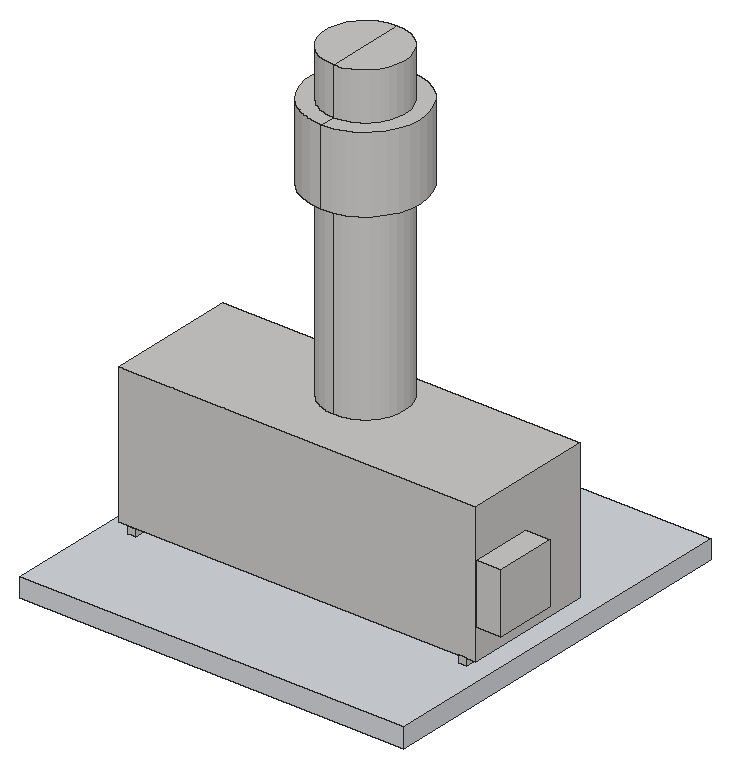
Revit family "DC_Rheem_PLM_Raypak_B1852HWT", category Plumbing Fixtures, host Face, Revit 2020
Family settings
  Host = Face
  Round Connector Dimension = Use Radius
  Part Type = Normal
  Cut with Voids When Loaded = No
  Shared = No
  Room Calculation Point = No
Parameters (values of type "Raypak - Gas Water Heater- Outdoor - 1772 MJ/h  Propane gas, modulating gas control")
  URL = "http://www.rheem.com.au/CommercialProducts"
  Type Comments = "Recovery 6794L/h @ 50°C rise\r\n\r\n"
  TopSmallDia_ANZRS = 505 mm  # constant formula
  TopH2_ANZRS = 480 mm
  TopH1_ANZRS = 300 mm
  TopBigDia_ANZRS = 700 mm
  PRVDiameter_ANZRS = PRVRadius_ANZRS * 2  # 20 mm
  Materials_ANZRS = Raypak - Grey Powder Coated Steel
  PRVRadius_ANZRS = 10 mm
  PVRDist_ANZRS = 85 mm
  Model = "B1852PCM/HWT\r\n\r\n"
  Manufacturer = "Raypak\r\n"
  Length_ANZRS = 2270 mm
  HotWaterPipeDist_ANZRS = 155 mm
  HotWaterPipeRadius_ANZRS = 32.5 mm
  HotWaterPipeDiameter_ANZRS = HotWaterPipeRadius_ANZRS * 2  # 65 mm
  Height_ANZRS = 2920 mm
  GasPipeRadius_ANZRS = 20 mm
  GasPipeHeight_ANZRS = 410 mm
  GasPipeDist_ANZRS = 130 mm
  GasPipeDiameter_ANZRS = GasPipeRadius_ANZRS * 2  # 40 mm
  EleBoxWidth_ANZRS = 160 mm
  EleBoxHeightfromBase_ANZRS = 245 mm
  EleBoxHeight_ANZRS = 380 mm
  DesignBy_ANZRS = "Design Content ©"
  Description = "Raypak - Gas Water Heater- Outdoor - 1772 MJ/h  Propane gas, modulating gas control\r\n\r\n\r\n"
  Default Elevation = 0 mm  # constant formula
  ConnHeight_ANZRS = 755 mm
  ColdWaterPipeRadius_ANZRS = 32.5 mm
  ColdWaterPipeDisi_ANZRS = 280 mm
  ColdWaterPipeDiameter_ANZRS = ColdWaterPipeRadius_ANZRS * 2  # 65 mm
  BoxHeight_ANZRS = 930 mm
  BaseWidth_ANZRS = 50 mm
  BaseHeight_ANZRS = 45 mm
  BaseDist_ANZRS = 60 mm
  Author_ANZRS = "DM"
  Assembly Code = ""
Types (5, lengths in mm): name | URL | Type Comments | PRVDiameter_ANZRS | PRVRadius_ANZRS | Model | GasPipeRadius_ANZRS | GasPipeDiameter_ANZRS | Description
  (no name) | "http://www.rheem.com.au/downloads/PDF/Raypak_Mechanical_Heating_Brochure_July_09.pdf\r\n" | "Recovery 7052L/h @ 50°C rise\r\n" | 30 | 15 | "B1852NCO/HWT\r\n" | 25 | 50 | "Raypak - Gas Water Heater- Outdoor - 1854 MJ/h  Natural gas, On/Off gas control\r\n\r\n"
  Raypak - Gas Water Heater- Outdoor - 1854 MJ/h  Natural gas, modulating gas control | "http://www.rheem.com.au/CommercialProducts" | "Recovery 7052L/h @ 50°C rise\r\n" | 20 | 10 | "B1852NCM/HWT\r\n" | 25 | 50 | "Raypak - Gas Water Heater- Outdoor - 1854 MJ/h  Natural gas, modulating gas control\r\n"
  Raypak - Gas Water Heater- Outdoor - 1854 MJ/h  Natural gas, On/Off gas control | "http://www.rheem.com.au/CommercialProducts" | "Recovery 7052L/h @ 50°C rise\r\n" | 30 | 15 | "B1852NCO/HWT\r\n" | 25 | 50 | "Raypak - Gas Water Heater- Outdoor - 1854 MJ/h  Natural gas, On/Off gas control\r\n\r\n"
  Raypak - Gas Water Heater- Outdoor - 1772 MJ/h  Propane gas, modulating gas control | "http://www.rheem.com.au/CommercialProducts" | "Recovery 6794L/h @ 50°C rise\r\n\r\n" | 20 | 10 | "B1852PCM/HWT\r\n\r\n" | 20 | 40 | "Raypak - Gas Water Heater- Outdoor - 1772 MJ/h  Propane gas, modulating gas control\r\n\r\n\r\n"
  Raypak - Gas Water Heater- Outdoor - 1772 MJ/h  Propane gas, On/Off gas control | "http://www.rheem.com.au/CommercialProducts" | "Recovery 6794L/h @ 50°C rise\r\n\r\n" | 20 | 10 | "B1852PCO/HWT\r\n" | 20 | 40 | "Raypak - Gas Water Heater- Outdoor - 1772 MJ/h  Propane gas, On/Off gas control\r\n\r\n\r\n\r\n"
Reference planes
  plane 1 "Center (Front/Back)": y = 0
  plane 2: z = 0
  plane 3 "Center (Left/Right)": x = 0
  plane 4: z = 45
  plane 5: x = -1135
  plane 6: x = 1135
  plane 7: x = 1295
  plane 8: z = 245
  plane 9: z = 930
  plane 10: x = -1075
  plane 11: x = 1075
  plane 12: x = -1025
  plane 13: x = 1025
  plane 14: y = 285
  plane 15: y = -540
  plane 16: z = 2920
  plane 17: z = 2620
  plane 18: z = 2140
  plane 19: y = 252.5
  plane 20: y = -252.5
  plane 21: y = 350
  plane 22: y = -350
  plane 23: z = 755
  plane 24: y = 200
  plane 25: y = 130
  plane 26: y = -150
  plane 27: y = -410
  plane 28: z = 410
  plane 29: z = 625
  plane 30: x = -252.5
  plane 31: x = 252.5
  plane 32: x = -350
  plane 33: x = 350
  plane 34: x = -1125
  plane 35: x = -1155
  plane 36: y = -155
Forms (mm)
  Extrusion 1, solid
    sketch origin (0, 0, 0) x (1, 0, 0) y (0, 1, 0)
      loop
        line (-1219.2, 1219.2) -> (-1219.2, -1219.2) -> (1219.2, -1219.2) -> (1219.2, 1219.2) -> (-1219.2, 1219.2)
    from 0 to -120
  Extrusion 2, solid, material "Raypak - Grey Powder Coated Steel" <- "Materials_ANZRS"
    sketch origin (0, 0, 0) x (1, 0, 0) y (0, 0, 1)
      loop
        line (-1075, 45) -> (-1075, 0) -> (-1025, 0) -> (-1025, 45) -> (-1075, 45)
      loop
        line (1025, 45) -> (1025, 0) -> (1075, 0) -> (1075, 45) -> (1025, 45)
    from -285 to 540
  Extrusion 3, solid, material "Raypak - Grey Powder Coated Steel" <- "Materials_ANZRS"
    sketch origin (0, 0, 0) x (1, 0, 0) y (0, 1, 0)
      loop
        line (-1135, 285) -> (-1135, -540) -> (1135, -540) -> (1135, 285) -> (-1135, 285)
    from 45 to 930
  Revolve 4, solid, material "Raypak - Grey Powder Coated Steel" <- "Materials_ANZRS"
    sketch origin (0, 0, 0) x (0, 1, 0) y (0, 0, 1)
      loop
        line (0, 2920) -> (-252.5, 2920) -> (-252.5, 2620) -> (-350, 2620) -> (-350, 2140) -> (-252.5, 2140) -> (-252.5, 930) -> (0, 930) -> (0, 2920)
      axis (0, 2920) -> (0, 930)
    angle from 0 to 360
  Extrusion 5, solid, material "Raypak - Grey Powder Coated Steel" <- "Materials_ANZRS"
    sketch origin (0, 0, 0) x (1, 0, 0) y (0, 0, 1)
      loop
        line (1135, 625) -> (1135, 245) -> (1295, 245) -> (1295, 625) -> (1135, 625)
    from 155 to 540
  Extrusion 6, void
    sketch origin (0, 0, 0) x (0, 1, 0) y (0, 0, 1)
      loop
        circle (200, 755) r 10
      loop
        circle (130, 755) r 32.5
      loop
        circle (-150, 755) r 32.5
    from -1135 to -1125
  Extrusion 7, solid, material "Raypak - Grey Powder Coated Steel" <- "Materials_ANZRS"
    sketch origin (0, 0, 0) x (0, 1, 0) y (0, 0, 1)
      loop
        circle (-410, 410) r 20
    from -1155 to -1135
Cuts and joins
  Extrusion 6 cuts Extrusion 3
  joined: Extrusion 3, Extrusion 7
Lines and regions (mm)
  Masking region 1
    outline origin (0, 0, 0) x (1, 0, 0) y (0, 1, 0)
      loop
        line (-1135, 285) -> (-1135, -395) -> (-1155, -395) -> (-1155, -425) -> (-1135, -425) -> (-1135, -540) -> (1295, -540) -> (1295, -155) -> (1135, -155) -> (1135, 285) -> (203.162, 285)
        arc (203.162, 285) -> (106.654, 333.354) -> (0, 350) r 350
        arc (0, 350) -> (-106.654, 333.354) -> (-203.162, 285) r 350
        line (-203.162, 285) -> (-1135, 285)
  Masking region 2
    outline origin (0, 0, 0) x (1, 0, 0) y (0, 0, 1)
      loop
        line (252.5, 2920) -> (-252.5, 2920) -> (-252.5, 2620) -> (-350, 2620) -> (-350, 2140) -> (-252.5, 2140) -> (-252.5, 930) -> (-1135, 930) -> (-1135, 425) -> (-1155, 425) -> (-1155, 395) -> (-1135, 395) -> (-1135, 45) -> (-1075, 45) -> (-1075, 0) -> (-1025, 0) -> (-1025, 45) -> (1025, 45) -> (1025, 0) -> (1075, 0) -> (1075, 45) -> (1135, 45) -> (1135, 245) -> (1295, 245) -> (1295, 625) -> (1135, 625) -> (1135, 930) -> (252.5, 930) -> (252.5, 2140) -> (350, 2140) -> (350, 2620) -> (252.5, 2620) -> (252.5, 2920)
  Masking region 3
    outline origin (0, 0, 0) x (0, 1, 0) y (0, 0, 1)
      loop
        line (252.5, 2920) -> (-252.5, 2920) -> (-252.5, 2620) -> (-350, 2620) -> (-350, 2140) -> (-252.5, 2140) -> (-252.5, 930) -> (-540, 930) -> (-540, 0) -> (285, 0) -> (285, 930) -> (252.5, 930) -> (252.5, 2140) -> (350, 2140) -> (350, 2620) -> (252.5, 2620) -> (252.5, 2920)
  symbolic lines, style "Rheem Raypak", detail levels fine
    curve 1: line (-350, 0, 2620) -> (-350, 0, 2140)
    curve 2: line (-350, 0, 2140) -> (350, 0, 2140)
    curve 3: line (-252.5, 0, 2140) -> (-252.5, 0, 930)
    curve 4: line (-252.5, 0, 2920) -> (-252.5, 0, 2620)
    curve 5: line (252.5, 0, 2920) -> (-252.5, 0, 2920)
    curve 6: line (252.5, 0, 2620) -> (252.5, 0, 2920)
    curve 7: line (350, 0, 2620) -> (-350, 0, 2620)
    curve 8: line (350, 0, 2140) -> (350, 0, 2620)
    curve 9: line (252.5, 0, 930) -> (252.5, 0, 2140)
    curve 10: line (1135, 0, 930) -> (-1135, 0, 930)
    curve 11: line (1135, 0, 45) -> (1135, 0, 930)
    curve 12: line (-1135, 0, 930) -> (-1135, 0, 45)
    curve 13: line (-1135, 0, 45) -> (1135, 0, 45)
    curve 14: line (-1025, 0, 0) -> (-1025, 0, 45)
    curve 15: line (-1075, 0, 0) -> (-1025, 0, 0)
    curve 16: line (-1075, 0, 45) -> (-1075, 0, 0)
    curve 17: line (1075, 0, 0) -> (1075, 0, 45)
    curve 18: line (1025, 0, 45) -> (1025, 0, 0)
    curve 19: line (1025, 0, 0) -> (1075, 0, 0)
    curve 20: line (1135, 0, 245) -> (1295, 0, 245)
    curve 21: line (1295, 0, 245) -> (1295, 0, 625)
    curve 22: line (1295, 0, 625) -> (1135, 0, 625)
    curve 23: line (-1155, 0, 395) -> (-1135, 0, 395)
    curve 24: line (-1155, 0, 425) -> (-1155, 0, 395)
    curve 25: line (-1135, 0, 425) -> (-1155, 0, 425)
    curve 26: line (0, -350, 2620) -> (0, 350, 2620)
    curve 27: line (0, -350, 2140) -> (0, 350, 2140)
    curve 28: line (0, 350, 2140) -> (0, 350, 2620)
    curve 29: line (0, -350, 2620) -> (0, -350, 2140)
    curve 30: line (0, -252.5, 2920) -> (0, -252.5, 2620)
    curve 31: line (0, 252.5, 2620) -> (0, 252.5, 2920)
    curve 32: line (0, -252.5, 2920) -> (0, 252.5, 2920)
    curve 33: line (0, -252.5, 2140) -> (0, -252.5, 930)
    curve 34: line (0, 252.5, 930) -> (0, 252.5, 2140)
    curve 35: line (0, 285, 930) -> (0, -540, 930)
    curve 36: line (0, -540, 930) -> (0, -540, 45)
    curve 37: line (0, 285, 45) -> (0, 285, 930)
    curve 38: line (0, -540, 45) -> (0, 285, 45)
    curve 39: line (0, 285, 0) -> (0, 285, 45)
    curve 40: line (0, -540, 45) -> (0, -540, 0)
    curve 41: line (0, -540, 0) -> (0, 285, 0)
    curve 42: arc (0, -182.5, 755) -> (0, -150, 722.5) -> (0, -117.5, 755) r 32.5
    curve 43: arc (0, -117.5, 755) -> (0, -150, 787.5) -> (0, -182.5, 755) r 32.5
    curve 44: arc (0, -390, 410) -> (0, -410, 390) -> (0, -430, 410) r 20
    curve 45: arc (0, -430, 410) -> (0, -410, 430) -> (0, -390, 410) r 20
    curve 46: arc (0, 97.5, 755) -> (0, 130, 722.5) -> (0, 162.5, 755) r 32.5
    curve 47: arc (0, 162.5, 755) -> (0, 130, 787.5) -> (0, 97.5, 755) r 32.5
    curve 48: arc (0, 190, 755) -> (0, 200, 745) -> (0, 210, 755) r 10
    curve 49: arc (0, 210, 755) -> (0, 200, 765) -> (0, 190, 755) r 10
    curve 50: arc (0, -350, 0) -> (-350, 0, 0) -> (0, 350, 0) r 350
    curve 51: arc (0, 350, 0) -> (350, 0, 0) -> (0, -350, 0) r 350
    curve 52: arc (0, 252.5, 0) -> (252.5, 0, 0) -> (0, -252.5, 0) r 252.5
    curve 53: arc (0, -252.5, 0) -> (-252.5, 0, 0) -> (0, 252.5, 0) r 252.5
    curve 54: line (1135, 285, 0) -> (230.662, 285, 0)
    curve 55: line (1135, -540, 0) -> (1135, 285, 0)
    curve 56: line (-1135, -540, 0) -> (1135, -540, 0)
    curve 57: line (-1135, 285, 0) -> (-1135, -540, 0)
    curve 58: line (1295, -155, 0) -> (1135, -155, 0)
    curve 59: line (1295, -540, 0) -> (1295, -155, 0)
    curve 60: line (1135, -540, 0) -> (1295, -540, 0)
    curve 61: line (-1155, -395, 0) -> (-1155, -425, 0)
    curve 62: line (-230.662, 285, 0) -> (-1135, 285, 0)
    curve 63: line (-1155, -395, 0) -> (-1135, -395, 0)
    curve 64: line (-1155, -425, 0) -> (-1135, -425, 0)
Dimensions and locks
  "BaseHeight_ANZRS": plane 4 to level
  equal spacing: plane 6, plane 3 "Center (Left/Right)", plane 5
  "Length_ANZRS": plane 5 to plane 6
  "EleBoxWidth_ANZRS": plane 6 to plane 7
  "EleBoxHeightfromBase_ANZRS": plane 8 to Extrusion 1
  "EleBoxHeight_ANZRS": plane 29 to plane 8
  "BaseDist_ANZRS": plane 10 to plane 5
  "BaseDist_ANZRS": plane 11 to plane 6
  "BaseWidth_ANZRS": plane 10 to plane 12
  "BaseWidth_ANZRS": plane 11 to plane 13
  plane 1 "Center (Front/Back)" to plane 15 = 540 mm
  plane 14 to plane 15 = 825 mm
  "Height_ANZRS": plane 16 to Extrusion 1
  "TopSmallDia_ANZRS": plane 19 to plane 20
  equal spacing: plane 19, plane 1 "Center (Front/Back)", plane 20
  equal spacing: plane 21, plane 1 "Center (Front/Back)", plane 22
  "TopBigDia_ANZRS": plane 21 to plane 22
  "ConnHeight_ANZRS": plane 23 to Extrusion 1
  "BoxHeight_ANZRS": plane 9 to Extrusion 1
  "PVRDist_ANZRS": plane 14 to plane 24
  "HotWaterPipeDist_ANZRS": plane 14 to plane 25
  "ColdWaterPipeDisi_ANZRS": plane 25 to plane 26
  "GasPipeDist_ANZRS": plane 27 to plane 15
  "GasPipeHeight_ANZRS": plane 28 to Extrusion 1
  "TopH1_ANZRS": plane 16 to plane 17
  "TopH2_ANZRS": plane 17 to plane 18
  equal spacing: plane 32, plane 3 "Center (Left/Right)", plane 33
  "TopSmallDia_ANZRS": plane 30 to plane 31
  equal spacing: plane 30, plane 3 "Center (Left/Right)", plane 31
  "TopBigDia_ANZRS": plane 32 to plane 33
  locked: plane 5 to plane 34 at 10
  locked: plane 35 to plane 5 at 20
  plane 36 to plane 15 = 385 mm
  "ColdWaterPipeRadius_ANZRS": radius of Extrusion 6 sketch curve
  "HotWaterPipeRadius_ANZRS": radius of Extrusion 6 sketch curve
  "PRVRadius_ANZRS": radius of Extrusion 6 sketch curve
  "GasPipeRadius_ANZRS": radius of Extrusion 7 sketch curve
  aligned and locked: plane 2 to Extrusion 1
  aligned and locked: level to Extrusion 1
  aligned and locked: Extrusion 2 sketch curve to plane 4  (x2)
  aligned and locked: Extrusion 2 sketch curve to plane 10
  aligned and locked: level to Extrusion 2 sketch curve  (x2)
  aligned and locked: plane 12 to Extrusion 2 sketch curve
  aligned and locked: plane 13 to Extrusion 2 sketch curve
  aligned and locked: plane 11 to Extrusion 2 sketch curve
  aligned and locked: plane 14 to Extrusion 3 sketch curve
  aligned and locked: plane 15 to Extrusion 3 sketch curve
  aligned and locked: plane 6 to Extrusion 3 sketch curve
  aligned and locked: plane 9 to Extrusion 3
  aligned and locked: Extrusion 3 to plane 4
  aligned and locked: Extrusion 2 to plane 15
  aligned and locked: Extrusion 2 to plane 14
  aligned and locked: plane 16 to Revolve 4 sketch curve
  aligned and locked: Revolve 4 sketch curve to plane 20
  aligned and locked: Revolve 4 sketch curve to plane 22
  aligned and locked: plane 9 to Revolve 4 sketch curve
  aligned and locked: Revolve 4 sketch curve to plane 1 "Center (Front/Back)"
  aligned and locked: Extrusion 5 sketch curve to plane 29
  aligned and locked: Extrusion 5 sketch curve to plane 6
  aligned and locked: Extrusion 5 sketch curve to plane 8
  aligned and locked: plane 7 to Extrusion 5 sketch curve
  aligned: Extrusion 2 to Extrusion 5
  aligned and locked: Extrusion 5 to Extrusion 2
  aligned and locked: plane 24 to Extrusion 6 sketch curve
  aligned and locked: plane 23 to Extrusion 6 sketch curve  (x3)
  aligned and locked: plane 25 to Extrusion 6 sketch curve
  aligned and locked: plane 26 to Extrusion 6 sketch curve
  aligned and locked: Extrusion 3 to plane 5
  aligned and locked: Extrusion 6 to plane 5
  aligned and locked: Extrusion 6 to plane 34
  aligned and locked: plane 28 to Extrusion 7 sketch curve
  aligned and locked: plane 27 to Extrusion 7 sketch curve
  aligned and locked: plane 35 to Extrusion 7
  aligned: Extrusion 7 to plane 34
  aligned and locked: plane 5 to Extrusion 7
  aligned and locked: Masking region 1 sketch curve to cut or joined group of Extrusion 3, Extrusion 6, Extrusion 7  (x2)
  aligned and locked: Masking region 1 sketch curve to Extrusion 5  (x2)
  aligned and locked: cut or joined group of Extrusion 3, Extrusion 6, Extrusion 7 to Masking region 1 sketch curve
  aligned and locked: Masking region 1 sketch curve to Revolve 4  (x2)
  aligned and locked: Masking region 2 sketch curve to plane 31
  aligned and locked: Masking region 2 sketch curve to plane 30
  aligned and locked: Masking region 2 sketch curve to plane 16
  aligned and locked: Masking region 2 sketch curve to plane 17
  aligned and locked: Masking region 2 sketch curve to plane 18
  aligned and locked: plane 33 to Masking region 2 sketch curve
  aligned and locked: Masking region 2 sketch curve to plane 32
  aligned and locked: Masking region 2 sketch curve to plane 9
  aligned and locked: plane 6 to Masking region 2 sketch curve
  aligned and locked: Masking region 2 sketch curve to plane 29
  aligned and locked: Masking region 2 sketch curve to plane 8
  aligned and locked: plane 7 to Masking region 2 sketch curve
  aligned and locked: cut or joined group of Extrusion 3, Extrusion 6, Extrusion 7 to Masking region 2 sketch curve
  aligned and locked: Masking region 2 sketch curve to plane 5
  aligned and locked: Extrusion 1 to Masking region 2 sketch curve  (x2)
  aligned and locked: plane 16 to Masking region 3 sketch curve
  aligned and locked: plane 17 to Masking region 3 sketch curve
  aligned and locked: Masking region 3 sketch curve to plane 22
  aligned and locked: plane 21 to Masking region 3 sketch curve
  aligned and locked: plane 19 to Masking region 3 sketch curve
  aligned and locked: Masking region 3 sketch curve to plane 20
  aligned and locked: plane 9 to Masking region 3 sketch curve
  aligned and locked: Masking region 3 sketch curve to plane 15
  aligned and locked: plane 14 to Masking region 3 sketch curve
  aligned and locked: Extrusion 1 to Masking region 3 sketch curve
  aligned and locked: plane 18 to Masking region 3 sketch curve
  aligned and locked: Masking region 2 sketch curve to plane 12
  aligned and locked: Masking region 2 sketch curve to plane 10
  aligned and locked: Masking region 2 sketch curve to plane 11
  aligned and locked: plane 13 to Masking region 2 sketch curve
  aligned and locked: Masking region 2 sketch curve to plane 4  (x3)
  aligned and locked: curve 1 to Masking region 2
  aligned and locked: curve 2 to Masking region 2
  aligned and locked: curve 3 to Masking region 2
  aligned and locked: curve 4 to Masking region 2
  aligned and locked: curve 5 to Masking region 2
  aligned and locked: curve 6 to Masking region 2
  aligned and locked: curve 7 to Masking region 2
  aligned and locked: curve 8 to Masking region 2
  aligned and locked: curve 9 to Masking region 2
  aligned and locked: curve 10 to cut or joined group of Extrusion 3, Extrusion 6, Extrusion 7
  aligned and locked: curve 11 to cut or joined group of Extrusion 3, Extrusion 6, Extrusion 7
  aligned and locked: curve 12 to cut or joined group of Extrusion 3, Extrusion 6, Extrusion 7
  aligned and locked: curve 13 to cut or joined group of Extrusion 3, Extrusion 6, Extrusion 7
  aligned and locked: curve 14 to Extrusion 2
  aligned and locked: curve 15 to Extrusion 2
  aligned and locked: curve 16 to Extrusion 2
  aligned and locked: curve 17 to Extrusion 2
  aligned and locked: curve 18 to Extrusion 2
  aligned and locked: curve 19 to Extrusion 2
  aligned and locked: curve 20 to Extrusion 5
  aligned and locked: curve 21 to Extrusion 5
  aligned and locked: curve 22 to Extrusion 5
  aligned and locked: curve 23 to Masking region 2
  aligned and locked: cut or joined group of Extrusion 3, Extrusion 6, Extrusion 7 to curve 24
  aligned and locked: curve 25 to Masking region 2
  aligned and locked: curve 26 to Revolve 4
  aligned and locked: curve 27 to Revolve 4
  aligned and locked: curve 28 to Masking region 3
  aligned and locked: curve 29 to Masking region 3
  aligned and locked: curve 30 to Masking region 3
  aligned and locked: curve 31 to Masking region 3
  aligned and locked: curve 32 to Revolve 4
  aligned and locked: curve 33 to Masking region 3
  aligned and locked: curve 34 to Masking region 3
  aligned and locked: curve 35 to cut or joined group of Extrusion 3, Extrusion 6, Extrusion 7
  aligned and locked: curve 36 to cut or joined group of Extrusion 3, Extrusion 6, Extrusion 7
  aligned and locked: curve 37 to cut or joined group of Extrusion 3, Extrusion 6, Extrusion 7
  aligned and locked: curve 38 to cut or joined group of Extrusion 3, Extrusion 6, Extrusion 7
  aligned and locked: curve 39 to Extrusion 2
  aligned and locked: curve 40 to Extrusion 2
  aligned and locked: curve 41 to Extrusion 2
  aligned and locked: curve 50 to Revolve 4
  aligned and locked: curve 51 to Revolve 4
  aligned and locked: curve 52 to Revolve 4
  aligned and locked: curve 53 to Revolve 4
  aligned and locked: curve 54 to cut or joined group of Extrusion 3, Extrusion 6, Extrusion 7
  aligned and locked: curve 55 to cut or joined group of Extrusion 3, Extrusion 6, Extrusion 7
  aligned and locked: curve 56 to cut or joined group of Extrusion 3, Extrusion 6, Extrusion 7
  aligned and locked: curve 57 to cut or joined group of Extrusion 3, Extrusion 6, Extrusion 7
  aligned: curve 58 to Extrusion 5
  aligned and locked: curve 59 to Extrusion 5
  aligned and locked: curve 60 to Extrusion 5
  aligned and locked: cut or joined group of Extrusion 3, Extrusion 6, Extrusion 7 to curve 61
  aligned and locked: plane 36 to Extrusion 5
  aligned and locked: plane 6 to Masking region 1 sketch curve
  aligned and locked: Masking region 1 sketch curve to plane 36
  aligned and locked: curve 42 to cut or joined group of Extrusion 3, Extrusion 6, Extrusion 7
  aligned and locked: curve 45 to cut or joined group of Extrusion 3, Extrusion 6, Extrusion 7
Automatic sketch dimensions
  Extrusion 1 sketch curve to Extrusion 1 sketch curve = 2438.4 mm  (x2)
  Revolve 4 sketch curve to plane 1 "Center (Front/Back)" = 0 mm
  Revolve 4 sketch curve to plane 16 = 51.193 mm
  Revolve 4 sketch curve to level = 2207.352 mm
  Revolve 4 sketch curve to plane 18 = 0 mm
  Revolve 4 sketch curve to plane 20 = 0 mm
  Revolve 4 sketch curve to plane 17 = 0 mm
  Extrusion 3 sketch curve to plane 5 = 0 mm
  plane 27 to Masking region 1 sketch curve = 15 mm
  Masking region 1 sketch curve to plane 27 = 15 mm
  Masking region 1 sketch curve to plane 5 = 0 mm
  plane 14 to Masking region 1 sketch curve = 0 mm
  plane 30 to Masking region 2 sketch curve = 0 mm
  Masking region 2 sketch curve to plane 18 = 0 mm
  Masking region 2 sketch curve to plane 31 = 0 mm
  Masking region 2 sketch curve to plane 9 = 0 mm
  Masking region 2 sketch curve to plane 17 = 0 mm
  Masking region 2 sketch curve to plane 28 = 15 mm
  Masking region 2 sketch curve to plane 5 = 0 mm
  plane 28 to Masking region 2 sketch curve = 15 mm
  Masking region 3 sketch curve to plane 19 = 0 mm
  Masking region 3 sketch curve to plane 17 = 0 mm
  Masking region 3 sketch curve to plane 20 = 0 mm
  Masking region 3 sketch curve to plane 18 = 0 mm
  Masking region 3 sketch curve to plane 9 = 0 mm
  plane 6 to Masking region 2 sketch curve = 0 mm
  curve 3 to plane 9 = 0 mm
  curve 4 to plane 16 = 0 mm
  curve 5 to plane 31 = 0 mm
  curve 7 to plane 33 = 0 mm
  curve 8 to plane 18 = 0 mm
  curve 10 to plane 5 = 0 mm
  plane 6 to curve 10 = 0 mm
  curve 11 to plane 4 = 0 mm
  curve 14 to level = 0 mm
  plane 12 to curve 14 = 0 mm
  plane 10 to curve 15 = 0 mm
  curve 17 to level = 0 mm
  plane 11 to curve 17 = 0 mm
  curve 18 to plane 13 = 0 mm
  plane 7 to curve 20 = 0 mm
  curve 20 to plane 8 = 0 mm
  curve 21 to plane 29 = 0 mm
  plane 35 to curve 23 = 0 mm
  curve 23 to plane 28 = 15 mm
  plane 28 to curve 24 = 15 mm
  curve 9 to plane 31 = 0 mm
  plane 30 to curve 3 = 0 mm
  plane 32 to curve 1 = 0 mm
  plane 30 to curve 4 = 0 mm
  curve 1 to plane 17 = 0 mm
  curve 27 to plane 18 = 0 mm
  curve 27 to plane 22 = 0 mm
  curve 26 to plane 17 = 0 mm
  curve 27 to plane 21 = 0 mm
  curve 30 to plane 20 = 0 mm
  curve 31 to plane 19 = 0 mm
  curve 31 to plane 16 = 0 mm
  curve 33 to plane 20 = 0 mm
  curve 33 to plane 9 = 0 mm
  curve 34 to plane 19 = 0 mm
  curve 35 to plane 15 = 0 mm
  curve 35 to plane 14 = 0 mm
  curve 37 to plane 4 = 0 mm
  curve 40 to level = 0 mm
  curve 46 to plane 23 = 0 mm
  curve 47 to plane 25 = 0 mm
  curve 46 to curve 46 = 32.5 mm
  curve 48 to plane 23 = 0 mm
  curve 49 to plane 24 = 0 mm
  plane 24 to curve 48 = 10 mm
  curve 61 to plane 35 = 0 mm
  curve 62 to plane 5 = 0 mm
  plane 14 to curve 62 = 0 mm
  plane 14 to curve 54 = 0 mm
  curve 58 to plane 6 = 0 mm
  curve 60 to plane 7 = 0 mm
  curve 56 to plane 15 = 0 mm
  curve 58 to plane 36 = 0 mm
  plane 14 to curve 59 = 440 mm
  curve 62 to plane 30 = 21.838 mm
  curve 54 to plane 31 = 21.838 mm
  plane 27 to curve 64 = 15 mm
  curve 63 to plane 27 = 15 mm
Connectors
  piping at (-1135, 200, 755), diameter 20, driven by "PRVRadius_ANZRS"
    settings: on cut or joined group of Extrusion 3, Extrusion 6, Extrusion 7, index 1, connector inside diameter 1.1811", connector length 0 mm, flow factor 0, pipe flow 0 GPM, pressure drop 0.00 psi, fitting loss kfactor 0, connector angle 0.00°, fixture units 0, engagement length 0 mm, angle of deflection 0.00°, flow configuration 1, flow direction 2, fitting loss method 0, system type 22, joint type 0, gender type 0, connector reference index -1, connector utility 0, adjustable connector no, is connector primary yes, connector description "PRV"
  piping at (-1135, 130, 755), diameter 65, driven by "HotWaterPipeRadius_ANZRS"
    settings: on cut or joined group of Extrusion 3, Extrusion 6, Extrusion 7, index 2, connector inside diameter 2.55906", connector length 0 mm, flow factor 0, pipe flow 0 GPM, pressure drop 0.00 psi, fitting loss kfactor 0, connector angle 0.00°, fixture units 0, engagement length 0 mm, angle of deflection 0.00°, flow configuration 1, flow direction 2, fitting loss method 0, system type 19, joint type 0, gender type 0, connector reference index -1, connector utility 0, adjustable connector no, is connector primary no, connector description ""
  piping at (-1135, -150, 755), diameter 65, driven by "ColdWaterPipeRadius_ANZRS"
    settings: on cut or joined group of Extrusion 3, Extrusion 6, Extrusion 7, index 3, connector inside diameter 2.55906", connector length 0 mm, flow factor 0, pipe flow 0 GPM, pressure drop 0.00 psi, fitting loss kfactor 0, connector angle 0.00°, fixture units 0, engagement length 0 mm, angle of deflection 0.00°, flow configuration 1, flow direction 1, fitting loss method 0, system type 20, joint type 0, gender type 0, connector reference index -1, connector utility 0, adjustable connector no, is connector primary no, connector description ""
  piping at (-1155, -410, 410), diameter 40, driven by "GasPipeRadius_ANZRS"
    settings: on cut or joined group of Extrusion 3, Extrusion 6, Extrusion 7, index 4, connector inside diameter 1.9685", connector length 0 mm, flow factor 0, pipe flow 0 GPM, pressure drop 0.00 psi, fitting loss kfactor 0, connector angle 0.00°, fixture units 0, engagement length 0 mm, angle of deflection 0.00°, flow configuration 1, flow direction 1, fitting loss method 0, system type 22, joint type 0, gender type 0, connector reference index -1, connector utility 0, adjustable connector no, is connector primary no, connector description "Gas"
